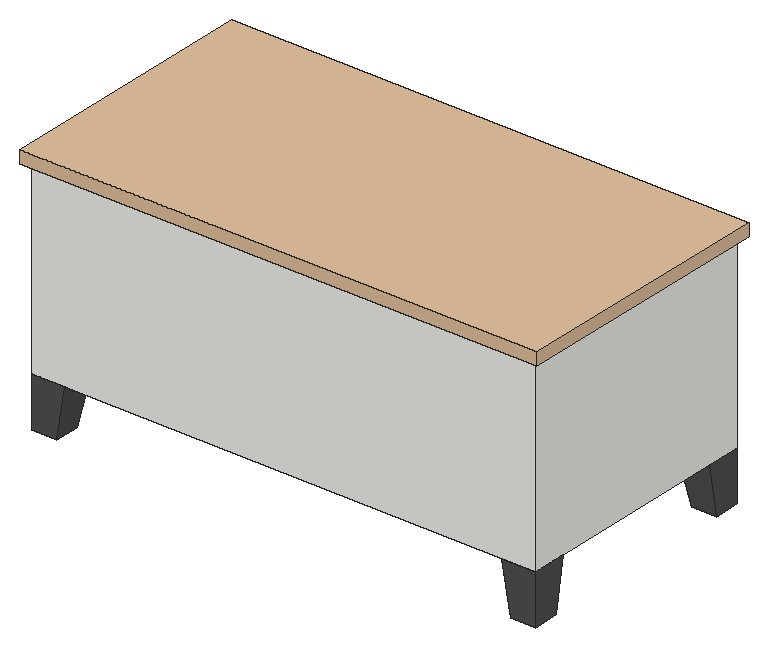
Revit family
Parameters (values of type "1525 x 762mm")
  Keynote = "N"
  Depth = 762.00 mm
  Material Body = Laminate - Ivory, Matte
  Material Handle/Leg = Metal - Chrome
  Material Top = Wood - Cherry
  Height = 762.00 mm
  Leg Height = 152.00 mm
  Width = 1525.00 mm
  Assembly Code = ""
Types (3, lengths in mm): name | Depth | Width
  1525 x 762mm | 762.00 | 1525.00
  1830 x 915mm | 915.00 | 1830.00
  1525 x 762mm Student | 762.00 | 1525.00
Reference planes
  plane 1: y = 0
  plane 2: z = 0
  plane 3: x = 0
  plane 4: z = 723.9
  plane 5: z = 152
  plane 6: z = 762
  plane 7 "Right": x = 1525
  plane 8 "Front": y = 762
  plane 9: x = 762.5
  plane 10: y = 381
  plane 11: y = 774.7
  plane 12: x = 1321.8
  plane 13: x = 203.2
  plane 14: z = 304.8
  plane 15: z = 425.45
  plane 16: z = 546.1
  plane 17: z = 666.75
  plane 18: z = 546.1
  plane 19: z = 666.75
Forms (mm)
  Extrusion 1, solid, material "Laminate - Ivory, Matte" <- "Material Body"
    sketch origin (0, 0, 0) x (1, 0, 0) y (0, 1, 0)
      loop
        line (0, 762) -> (0, 0) -> (1525, 0) -> (1525, 762) -> (1118.6, 762) -> (1118.6, 50.8) -> (406.4, 50.8) -> (406.4, 762) -> (0, 762)
    from 152 to 723.9
  Extrusion 2, solid, material "Wood - Cherry" <- "Material Top"
    sketch origin (0, 0, 0) x (1, 0, 0) y (0, 1, 0)
      loop
        line (-19.05, 781.05) -> (-19.05, -19.05) -> (1544.05, -19.05) -> (1544.05, 781.05) -> (-19.05, 781.05)
    from 723.9 to 762
  Blend 3, solid, material "Metal - Chrome" <- "Material Handle/Leg"
    base sketch origin (0, 0, 0) x (1, 0, 0) y (0, 1, 0)
      loop
        line (0, 762) -> (0, 685.8) -> (76.2, 685.8) -> (76.2, 762) -> (0, 762)
    top sketch origin (0, 0, 0) x (1, 0, 0) y (0, 1, 0)
      loop
        line (0, 762) -> (0, 660.4) -> (101.6, 660.4) -> (101.6, 762) -> (0, 762)
    from 0 to 152
  Blend 4, solid, material "Metal - Chrome" <- "Material Handle/Leg"
    base sketch origin (0, 0, 0) x (1, 0, 0) y (0, 1, 0)
      loop
        line (0, 0) -> (76.2, 0) -> (76.2, 76.2) -> (0, 76.2) -> (0, 0)
    top sketch origin (0, 0, 0) x (1, 0, 0) y (0, 1, 0)
      loop
        line (0, 0) -> (101.6, 0) -> (101.6, 101.6) -> (0, 101.6) -> (0, 0)
    from 0 to 152
  Blend 5, solid, material "Metal - Chrome" <- "Material Handle/Leg"
    base sketch origin (0, 0, 0) x (1, 0, 0) y (0, 1, 0)
      loop
        line (1525, 0) -> (1525, 76.2) -> (1448.8, 76.2) -> (1448.8, 0) -> (1525, 0)
    top sketch origin (0, 0, 0) x (1, 0, 0) y (0, 1, 0)
      loop
        line (1525, 0) -> (1525, 101.6) -> (1423.4, 101.6) -> (1423.4, 0) -> (1525, 0)
    from 0 to 152
  Blend 6, solid, material "Metal - Chrome" <- "Material Handle/Leg"
    base sketch origin (0, 0, 0) x (1, 0, 0) y (0, 1, 0)
      loop
        line (1525, 762) -> (1448.8, 762) -> (1448.8, 685.8) -> (1525, 685.8) -> (1525, 762)
    top sketch origin (0, 0, 0) x (1, 0, 0) y (0, 1, 0)
      loop
        line (1525, 762) -> (1423.4, 762) -> (1423.4, 660.4) -> (1525, 660.4) -> (1525, 762)
    from 0 to 152
  Extrusion 7, solid, material "Laminate - Ivory, Matte" <- "Material Body"
    sketch origin (0, 762, 0) x (1, 0, 0) y (0, 0, 1)
      loop
        line (19.05, 704.85) -> (19.05, 602.85) -> (387.35, 602.85) -> (387.35, 704.85) -> (19.05, 704.85)
      loop
        line (19.05, 171.05) -> (387.35, 171.05) -> (387.35, 342.5) -> (19.05, 342.5) -> (19.05, 171.05)
      loop
        line (387.35, 583.8) -> (19.05, 583.8) -> (19.05, 482.2) -> (387.35, 482.2) -> (387.35, 583.8)
      loop
        line (387.35, 463.15) -> (19.05, 463.15) -> (19.05, 361.55) -> (387.35, 361.55) -> (387.35, 463.15)
    from -12.7 to 0
  Extrusion 8, solid, material "Laminate - Ivory, Matte" <- "Material Body"
    sketch origin (1828.8, 914.4, 0) x (-1, 0, 0) y (0, 0, -1)
      loop
        line (322.85, -704.85) -> (691.15, -704.85) -> (691.15, -603.25) -> (322.85, -603.25) -> (322.85, -704.85)
      loop
        line (322.85, -171.05) -> (322.85, -584.2) -> (691.15, -584.2) -> (691.15, -171.05) -> (322.85, -171.05)
    from 139.7 to 152.4
  Sweep 9, solid, material "Metal - Chrome" <- "Material Handle/Leg"
    path origin (0, 0, 0) x (1, 0, 0) y (0, 1, 0)
      loop
        line (152.4, 774.7) -> (152.4, 800.1) -> (254, 800.1) -> (254, 774.7)
    profile origin (0, 787.4, 0) x (-1, 0, 0) y (0, 0, 1)
      loop
        line (-152.4, 304.8) -> (-158.75, 304.8) -> (-158.75, 292.1) -> (-152.4, 292.1) -> (-152.4, 304.8)
      loop
        line (-152.4, 425.45) -> (-158.75, 425.45) -> (-158.75, 412.75) -> (-152.4, 412.75) -> (-152.4, 425.45)
      loop
        line (-152.4, 546.1) -> (-158.75, 546.1) -> (-158.75, 533.4) -> (-152.4, 533.4) -> (-152.4, 546.1)
      loop
        line (-152.4, 666.75) -> (-158.75, 666.75) -> (-158.75, 654.05) -> (-152.4, 654.05) -> (-152.4, 666.75)
  Sweep 10, solid, material "Metal - Chrome" <- "Material Handle/Leg"
    path origin (0, 0, 0) x (1, 0, 0) y (0, 1, 0)
      loop
        line (1372.6, 774.7) -> (1372.6, 800.1) -> (1271, 800.1) -> (1271, 774.7)
    profile origin (0, 787.4, 0) x (-1, 0, 0) y (0, 0, 1)
      loop
        line (-1372.6, 546.1) -> (-1372.6, 533.4) -> (-1366.25, 533.4) -> (-1366.25, 546.1) -> (-1372.6, 546.1)
      loop
        line (-1372.6, 666.75) -> (-1372.6, 654.05) -> (-1366.25, 654.05) -> (-1366.25, 666.75) -> (-1372.6, 666.75)
Lines and regions (mm)
  Masking region 1
    outline origin (0, 0, 0) x (1, 0, 0) y (0, 1, 0)
      loop
        line (-19.05, 781.05) -> (-19.05, -19.05) -> (1544.05, -19.05) -> (1544.05, 781.05) -> (-19.05, 781.05)
  Masking region 2
    outline origin (0, 0, 0) x (1, 0, 0) y (0, 1, 0)
      loop
        line (152.4, 781.05) -> (158.75, 781.05) -> (158.75, 793.75) -> (247.65, 793.75) -> (247.65, 781.05) -> (254, 781.05) -> (254, 800.1) -> (152.4, 800.1) -> (152.4, 781.05)
      loop
        line (1372.6, 781.05) -> (1372.6, 800.1) -> (1271, 800.1) -> (1271, 781.05) -> (1277.35, 781.05) -> (1277.35, 793.75) -> (1366.25, 793.75) -> (1366.25, 781.05) -> (1372.6, 781.05)
Dimensions and locks
  "Width": plane 7 "Right" to plane 3
  "Depth": plane 1 to plane 8 "Front"
  "Height": plane 2 to plane 6
  plane 5 to plane 2 = 152.00 mm
  plane 4 to plane 6 = 38.10 mm
  equal spacing: plane 3, plane 9, plane 7 "Right"
  equal spacing: plane 1, plane 10, plane 8 "Front"
  locked: plane 4 to plane 6 at 38.1
  plane 3 to Extrusion 1 sketch curve = 406.40 mm
  Extrusion 1 sketch curve to plane 7 "Right" = 406.40 mm
  "Leg Height": plane 5 to plane 2
  Extrusion 1 to Extrusion 7 sketch curve = 19.05 mm
  plane 3 to Extrusion 7 sketch curve = 19.05 mm
  plane 5 to Extrusion 7 sketch curve = 19.05 mm
  Extrusion 7 sketch curve to plane 4 = 19.05 mm
  locked: plane 11 to plane 8 "Front" at 12.7
  plane 17 to Extrusion 7 = 38.10 mm
  plane 16 to Extrusion 7 = 37.70 mm
  plane 15 to Extrusion 7 = 37.70 mm
  plane 14 to Extrusion 7 = 37.70 mm
  plane 19 to Extrusion 8 = 38.10 mm
  plane 18 to Extrusion 8 = 38.10 mm
  plane 12 to plane 7 "Right" = 203.20 mm
  plane 3 to plane 13 = 203.20 mm
  aligned and locked: Extrusion 1 to plane 4
  aligned and locked: plane 4 to Extrusion 2
  aligned and locked: Extrusion 2 to plane 6
  aligned and locked: Extrusion 1 sketch curve to plane 3
  aligned and locked: Extrusion 1 sketch curve to plane 1
  aligned and locked: plane 5 to Extrusion 1
  aligned and locked: Blend 4 to plane 5
  aligned and locked: Blend 5 to plane 5
  aligned and locked: Blend 3 to plane 5
  aligned and locked: Blend 6 to plane 5
  aligned and locked: plane 11 to Extrusion 7
  aligned and locked: plane 8 "Front" to Extrusion 1 sketch curve
  aligned and locked: Extrusion 1 sketch curve to plane 8 "Front"
  aligned and locked: plane 11 to Extrusion 8
  aligned and locked: Extrusion 8 to Extrusion 1
Automatic sketch dimensions
  Blend 3 sketch curve to plane 8 "Front" = 0.00 mm  (x2)
  plane 3 to Blend 3 sketch curve = 76.20 mm
  plane 8 "Front" to Blend 3 sketch curve = 76.20 mm
  Blend 3 sketch curve to plane 3 = 0.00 mm  (x2)
  plane 3 to Blend 3 sketch curve = 101.60 mm
  plane 8 "Front" to Blend 3 sketch curve = 101.60 mm
  Blend 4 sketch curve to plane 3 = 0.00 mm  (x2)
  Blend 4 sketch curve to Blend 4 sketch curve = 76.20 mm  (x2)
  Blend 4 sketch curve to plane 1 = 0.00 mm  (x2)
  Blend 4 sketch curve to Blend 4 sketch curve = 101.60 mm  (x2)
  Blend 5 sketch curve to plane 7 "Right" = 0.00 mm  (x2)
  Blend 5 sketch curve to Blend 5 sketch curve = 76.20 mm
  Blend 5 sketch curve to plane 1 = 76.20 mm
  Blend 5 sketch curve to Blend 5 sketch curve = 101.60 mm
  Blend 5 sketch curve to plane 1 = 101.60 mm
  Blend 6 sketch curve to plane 7 "Right" = 0.00 mm  (x2)
  Blend 6 sketch curve to Blend 6 sketch curve = 76.20 mm
  plane 8 "Front" to Blend 6 sketch curve = 76.20 mm
  Blend 6 sketch curve to Blend 6 sketch curve = 101.60 mm
  plane 8 "Front" to Blend 6 sketch curve = 101.60 mm
  Blend 5 sketch curve to plane 1 = 0.00 mm  (x2)
  Blend 6 sketch curve to plane 8 "Front" = 0.00 mm  (x2)
  plane 1 to Extrusion 2 sketch curve = 19.05 mm
  Extrusion 2 sketch curve to plane 8 "Front" = 19.05 mm
  plane 7 "Right" to Extrusion 2 sketch curve = 19.05 mm
  Extrusion 2 sketch curve to plane 3 = 19.05 mm
  Extrusion 7 sketch curve to Extrusion 7 sketch curve = 171.45 mm
  Extrusion 7 sketch curve to Extrusion 7 sketch curve = 19.05 mm  (x3)
  Extrusion 7 sketch curve to Extrusion 7 sketch curve = 101.60 mm  (x2)
  plane 3 to Extrusion 7 sketch curve = 19.05 mm  (x3)
  Extrusion 7 sketch curve to Extrusion 7 sketch curve = 0.00 mm  (x3)
  plane 4 to Extrusion 8 sketch curve = 19.05 mm
  Extrusion 8 sketch curve to plane 7 "Right" = 19.05 mm  (x2)
  Extrusion 8 sketch curve to plane 5 = 19.05 mm
  plane 4 to Extrusion 8 sketch curve = 120.65 mm
  Extrusion 8 sketch curve to Extrusion 8 sketch curve = 368.30 mm
  Extrusion 8 sketch curve to Extrusion 8 sketch curve = 0.00 mm
  Extrusion 8 sketch curve to Extrusion 8 sketch curve = 19.05 mm
  Extrusion 1 sketch curve to plane 1 = 50.80 mm
  Sweep 9 sketch curve to plane 11 = 0.00 mm  (x2)
  Sweep 9 sketch curve to plane 13 = 50.80 mm
  plane 13 to Sweep 9 sketch curve = 50.80 mm
  Sweep 9 sketch curve to Sweep 9 sketch curve = 25.40 mm
  Sweep 9 sketch curve to plane 14 = 0.00 mm
  Sweep 9 sketch curve to plane 17 = 0.00 mm
  Sweep 9 sketch curve to plane 15 = 0.00 mm
  Sweep 9 sketch curve to plane 16 = 0.00 mm
  Sweep 9 sketch curve to profile plane = 0.00 mm  (x4)
  profile plane to Sweep 9 sketch curve = 6.35 mm  (x4)
  plane 14 to Sweep 9 sketch curve = 12.70 mm
  plane 15 to Sweep 9 sketch curve = 12.70 mm
  plane 16 to Sweep 9 sketch curve = 12.70 mm
  plane 17 to Sweep 9 sketch curve = 12.70 mm
  Sweep 10 sketch curve to plane 11 = 0.00 mm  (x2)
  plane 11 to Sweep 10 sketch curve = 25.40 mm
  plane 12 to Sweep 10 sketch curve = 50.80 mm
  Sweep 10 sketch curve to Sweep 10 sketch curve = 101.60 mm
  Sweep 10 sketch curve to profile plane = 0.00 mm  (x2)
  Sweep 10 sketch curve to plane 19 = 0.00 mm
  Sweep 10 sketch curve to plane 18 = 0.00 mm
  Sweep 10 sketch curve to profile plane = 6.35 mm  (x2)
  plane 18 to Sweep 10 sketch curve = 12.70 mm
  Sweep 10 sketch curve to Sweep 10 sketch curve = 12.70 mm
  Masking region 1 sketch curve to plane 3 = 19.05 mm
  plane 7 "Right" to Masking region 1 sketch curve = 19.05 mm
  plane 1 to Masking region 1 sketch curve = 19.05 mm
  plane 11 to Masking region 1 sketch curve = 6.35 mm
  Extrusion 1 sketch curve to plane 7 "Right" = 0.00 mm
  plane 11 to Masking region 2 sketch curve = 6.35 mm  (x4)
  Masking region 2 sketch curve to plane 13 = 50.80 mm
  Masking region 2 sketch curve to Masking region 2 sketch curve = 6.35 mm  (x5)
  plane 11 to Masking region 2 sketch curve = 19.05 mm  (x2)
  plane 13 to Masking region 2 sketch curve = 44.45 mm
  plane 11 to Masking region 2 sketch curve = 25.40 mm
  plane 12 to Masking region 2 sketch curve = 50.80 mm
  Masking region 2 sketch curve to plane 12 = 44.45 mm
